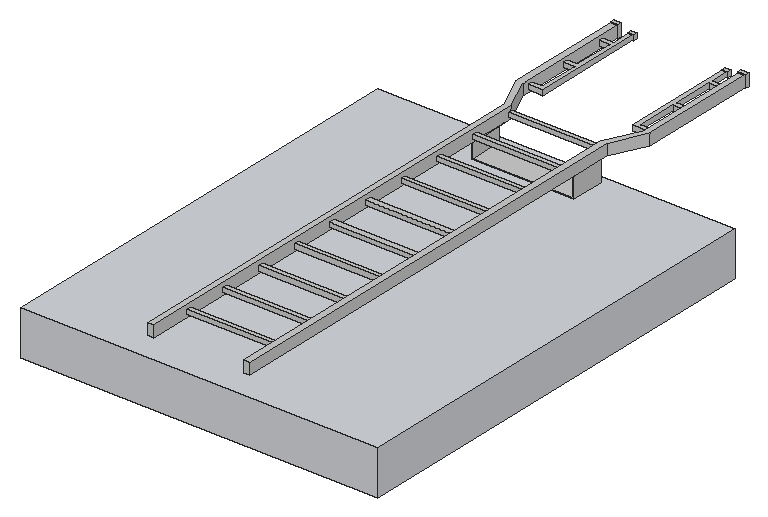
Revit family
Parameters (values of type "24in Width")
  numrungcalcd [instance] = if(FF to Top of Decking - Ladder Base Offset - ((numrungcalcc - 1) * 1' 0") > 1' 2", numrungcalcc + 1, numrungcalcc)  # 10
  numrungcalcc [instance] = (FF to Top of Decking - Ladder Base Offset) / 1' 0"  # 10
  numrungcalca [instance] = FF to Top of Decking - Ladder Base Offset - ((numrungcalcc - 1) * 1' 0")  # 1' - 0"
  Warranty Duration (Years) = 0
  Unit Width_Outside Frame [instance] = if(1 = 1, Unit Width + (0' 1 3/4" * 2), 0' 0")  # 2' - 3 1/2"
  Unit Width = 2' - 0"
  Unit Height [instance] = FF to Top of Decking + 3' 6" - Ladder Base Offset  # 13' - 6"
  URL = "http://www.okeeffes.com/"
  Top Decking to Top Bracket CL [instance] = 0' - 6 5/8"  # constant formula
  Test Data = ""
  Standards Conformance = "OSHA 1910.27"
  Specification = ""
  SpecWizard = ""
  Send Message = ""
  Sales Information = "http://www.okeeffes.com/contact-us.php"
  Revision = "R1_2015-11"
  Projection from Host [instance] = 0' - 7"
  Product Properties = ""
  Product Data = "http://www.arcat.com/arcatcos/cos34/arc34555.html"
  Number of Rungs [instance] = numrungcalcd  # 10
  Model = "Model 504"
  Manufacturer Website = "http://www.okeeffes.com/"
  Manufacturer Phone - Toll Free = "888-653-3333"
  Manufacturer Phone = "415-822-4222"
  Manufacturer Fax = "415-822-5222"
  Manufacturer Address = "100 N. Hill Dr.   Suite 12   Brisbane, CA 94005"
  Manufacturer = "O'Keeffe's, Inc"
  Maintenance Schedule (Months) = 0
  Ladder_Off Floor Mounted [instance] = not(Ladder_Floor Mounted)  # no
  Ladder_Floor Mounted [instance] = yes
  Ladder Base Offset [instance] = if(Ladder_Floor Mounted, 0' 0", 0' 4")  # 0' - 0"
  Keynote = "05515"
  Installation-Fabrication = ""
  Installation Phase = ""
  Include Security Door [instance] = no
  Green Building-LEED = ""
  Frame Finish [instance] = Metal - Aluminum - O'Keeffe's - Standard Mill
  FF to Top of Decking [instance] = 10' - 0"
  FF to Bottom Rung CL [instance] = FF to Top of Decking - ((Number of Rungs - 1) * 1' 0") - 0' 0 5/8"  # 0' - 11 3/8"
  FF to Bottom Bracket CL [instance] = 0' - 11"
  Expected Lifespan (Years) = 0
  Drawn By = "Sumex Design, Inc. / Robert S. Weygant, CSI, CDT, SCIP"
  Description = "O'Keeffe's Model 504 Low Parapet Access Ladder - 24in Width as Specified"
  Default Elevation = 0' - 0"
  Copyright = "©Arcat Inc."
  Construction Details = ""
  Capacity = "1500 lbs per Rung"
  Building Codes = ""
  Available Options [instance] = "[Intermediate Brackets][Extended Intermediate Brackets][Fall Arrest System][Safety Post for Roof Hatch]"
  Assembly Code = "B1010700"
Reference planes (in)
  plane 1 "SecDoor": y = 47.5395
  plane 2: z = 0
  plane 3 "Center (Left/Right)": x = 0
  plane 4: x = -12
  plane 5: x = 12
  plane 6 "Ladder CL": z = 7
  plane 7 "FF": y = -46.4605
  plane 8 "Deck Level": y = 73.5395
  plane 9: y = 115.5395
  plane 10: y = -46.4605
  plane 11: y = 72.9145
  plane 12: y = 66.9145
  plane 13: y = -35.4605
  plane 14: y = 84.9145
  plane 15: y = 96.9145
  plane 16: y = 108.9145
Forms (in)
  Extrusion 1, solid
    sketch origin (0, 0, 0) x (1, 0, 0) y (0, 1, 0)
      loop
        line (-48, 73.5395) -> (-48, -46.4605) -> (48, -46.4605) -> (48, 73.5395) -> (-48, 73.5395)
    from 0 to -12
  Extrusion 2, solid, material "Metal - Aluminum - O'Keeffe's - Standard Mill" <- "Frame Finish"
    sketch origin (0, 47.5395, 0) x (1, 0, 0) y (0, 0, 1)
      loop
        line (-12, 5.5) -> (-12, 8.5) -> (-13.75, 8.5) -> (-13.75, 5.5) -> (-12, 5.5)
      loop
        line (12, 5.5) -> (13.75, 5.5) -> (13.75, 8.5) -> (12, 8.5) -> (12, 5.5)
    from -26 to 94
  Extrusion 3, solid, material "Metal - Aluminum - O'Keeffe's - Standard Mill" <- "Frame Finish"
    sketch origin (0, 66.9145, -2.26987) x (0, 0, -1) y (1, 0, 0)
      loop
        line (-7.76987, -12) -> (-7.76987, -13.75) -> (-2.26987, -13.75) -> (-2.26987, 13.75) -> (-7.76987, 13.75) -> (-7.76987, 12) -> (-7.58237, 12) -> (-7.58237, 13.5625) -> (-2.45737, 13.5625) -> (-2.45737, -13.5625) -> (-7.58237, -13.5625) -> (-7.58237, -12) -> (-7.76987, -12)
    from -4.5 to 4.5
  Extrusion 4, solid, material "Metal - Aluminum - O'Keeffe's - Standard Mill" <- "Frame Finish", visible <- "Ladder_Off Floor Mounted"
    sketch origin (0, -35.4605, 13.06054) x (0, 0, 1) y (1, 0, 0)
      loop
        line (-7.56054, -12) -> (-7.74804, -12) -> (-7.74804, -13.5625) -> (-12.87304, -13.5625) -> (-12.87304, 13.5625) -> (-7.74804, 13.5625) -> (-7.74804, 12) -> (-7.56054, 12) -> (-7.56054, 13.75) -> (-13.06054, 13.75) -> (-13.06054, -13.75) -> (-7.56054, -13.75) -> (-7.56054, -12)
    from -4.5 to 4.5
  Extrusion 5, solid, material "Metal - Aluminum - O'Keeffe's - Standard Mill" <- "Frame Finish"
    sketch origin (-15.17702, -180, 7) x (-1, 0, 0) y (0, -1, 0)
      loop
        line (0.94798, -295.5395) -> (2.94798, -295.5395) -> (2.94798, -294.5395) -> (0.94798, -294.5395) -> (0.94798, -295.5395)
      loop
        line (-33.30202, -295.5395) -> (-31.30202, -295.5395) -> (-31.30202, -294.5395) -> (-33.30202, -294.5395) -> (-33.30202, -295.5395)
    from -1.625 to 1.625
  Extrusion 6, solid, material "Metal - Aluminum - O'Keeffe's - Standard Mill" <- "Frame Finish", visible <- "Include Security Door"
    sketch origin (-26.52564, -46.4605, 48) x (1, 0, 0) y (0, 0, 1)
      loop
        line (40.27564, -39.25) -> (12.52564, -39.25) -> (12.52564, -40.25) -> (12.77564, -40.25) -> (12.77564, -48) -> (40.27564, -48) -> (40.27564, -39.25)
    from -4 to -94
  Extrusion 7, solid, material "Metal - Aluminum - O'Keeffe's - Standard Mill" <- "Frame Finish"
    sketch origin (-15.17702, -180, 7) x (-1, 0, 0) y (0, -1, 0)
      loop
        line (-3.17702, -253.5395) -> (1.07298, -262.65365) -> (1.07298, -295.5395) -> (2.82298, -295.5395) -> (2.82298, -262.65365) -> (-1.42702, -253.5395) -> (-3.17702, -253.5395)
      loop
        line (-31.42702, -295.5395) -> (-31.42702, -262.65365) -> (-27.17702, -253.5395) -> (-28.92702, -253.5395) -> (-33.17702, -262.65365) -> (-33.17702, -295.5395) -> (-31.42702, -295.5395)
    from -1.5 to 1.5
  Extrusion 8, solid, material "Metal - Aluminum - O'Keeffe's - Standard Mill" <- "Frame Finish"
    sketch origin (-15.17702, -180, 7) x (-1, 0, 0) y (0, -1, 0)
      loop
        line (-3.17702, -264.2895) -> (-3.17702, -294.5395) -> (-1.92702, -294.5395) -> (-1.92702, -289.5395) -> (1.94798, -289.5395) -> (1.94798, -288.2895) -> (-1.92702, -288.2895) -> (-1.92702, -277.5395) -> (1.94798, -277.5395) -> (1.94798, -276.2895) -> (-1.92702, -276.2895) -> (-1.92702, -265.5395) -> (1.94798, -265.5395) -> (1.94798, -264.2895) -> (-3.17702, -264.2895)
      loop
        line (-27.17702, -264.2895) -> (-32.30202, -264.2895) -> (-32.30202, -265.5395) -> (-28.42702, -265.5395) -> (-28.42702, -276.2895) -> (-32.30202, -276.2895) -> (-32.30202, -277.5395) -> (-28.42702, -277.5395) -> (-28.42702, -288.2895) -> (-32.30202, -288.2895) -> (-32.30202, -289.5395) -> (-28.42702, -289.5395) -> (-28.42702, -294.5395) -> (-27.17702, -294.5395) -> (-27.17702, -264.2895)
    from -0.625 to 0.625
  Extrusion 9, solid, material "Metal - Aluminum - O'Keeffe's - Standard Mill" <- "Frame Finish"
    sketch origin (-15.17702, -180, 7) x (-1, 0, 0) y (0, -1, 0)
      loop
        line (-3.30202, -294.5395) -> (-3.30202, -295.5395) -> (-1.80202, -295.5395) -> (-1.80202, -294.5395) -> (-3.30202, -294.5395)
      loop
        line (-27.05202, -294.5395) -> (-28.55202, -294.5395) -> (-28.55202, -295.5395) -> (-27.05202, -295.5395) -> (-27.05202, -294.5395)
    from 0.75 to -0.75
Cuts and joins
  joined: Extrusion 2, Extrusion 5, Extrusion 7, Extrusion 8, Extrusion 9
Lines and regions (in)
  model lines, style "GenericModelHiddenLines", visible <- "Include Security Door"
    curve 1: line (13.75, 47.5395, 8.75) -> (-14, 2.5395, 8.75)
    curve 2: line (-14, 2.5395, 8.75) -> (13.75, -42.4605, 8.75)
Dimensions and locks (in)
  "Projection from Host": plane 6 "Ladder CL" to level
  equal spacing: plane 4, plane 3 "Center (Left/Right)", plane 5
  "Unit Width": plane 4 to plane 5
  "FF to Top of Decking": plane 7 "FF" to plane 8 "Deck Level"
  "Unit Height": plane 9 to plane 10
  "Ladder Base Offset": plane 10 to plane 7 "FF"
  locked: plane 8 "Deck Level" to plane 11 at 0.625
  equal spacing: group 1, group 2, group 3, group 4, group 5, group 6, group 7, group 8, group 9, group 10  (x2)
  equal spacing: group 10, group 9, group 8, group 7, group 6, group 5, group 4, group 3, group 2, group 1
  locked: nested 1 to nested 2 at 12
  "Top Decking to Top Bracket CL": plane 12 to plane 8 "Deck Level"
  "FF to Bottom Bracket CL": plane 10 to plane 13
  plane 4 to Extrusion 3 sketch curve to Extrusion 3 sketch curve = 0' - 1 9/16" locked, 0' - 0 3/16" locked
  Extrusion 3 sketch curve to Extrusion 3 sketch curve to plane 5 = 0' - 0 3/16" locked, 0' - 1 9/16" locked
  plane 4 to Extrusion 4 sketch curve to Extrusion 4 sketch curve = 0' - 1 9/16" locked, 0' - 0 3/16" locked
  Extrusion 4 sketch curve to Extrusion 4 sketch curve to plane 5 = 0' - 0 3/16" locked, 0' - 1 9/16" locked
  locked: plane 7 "FF" to plane 1 "SecDoor" at 94
  locked: plane 4 to Extrusion 6 sketch curve at 2
  locked: Extrusion 6 sketch curve to plane 6 "Ladder CL" at 1.75
  locked: Extrusion 6 sketch curve to plane 6 "Ladder CL" at 0.75
  locked: plane 4 to Extrusion 6 sketch curve at 1.75
  locked: Extrusion 6 sketch curve to plane 5 at 1.75
  locked: plane 4 to Extrusion 2 sketch curve at 1.75
  locked: Extrusion 2 sketch curve to plane 5 at 1.75
  plane 5 to Extrusion 7 sketch curve to Extrusion 7 sketch curve to Extrusion 7 sketch curve = 0' - 1 3/4" locked, 0' - 2 1/2" locked, 0' - 1 3/4" locked
  Extrusion 7 sketch curve to Extrusion 7 sketch curve to Extrusion 7 sketch curve to plane 4 = 0' - 1 3/4" locked, 0' - 2 1/2" locked, 0' - 1 3/4" locked
  Extrusion 5 sketch curve to Extrusion 5 sketch curve to plane 4 = 0' - 2" locked, 0' - 4 1/8" locked
  plane 5 to Extrusion 5 sketch curve to Extrusion 5 sketch curve = 0' - 4 1/8" locked, 0' - 2" locked
  locked: plane 11 to plane 14 at 12
  locked: plane 15 to plane 14 at 12
  locked: plane 16 to plane 15 at 12
  Extrusion 8 sketch curve to Extrusion 8 sketch curve to plane 4 = 0' - 3 7/8" locked, 0' - 1 1/4" locked
  locked: plane 9 to Extrusion 8 sketch curve at 1
  plane 5 to Extrusion 8 sketch curve to Extrusion 8 sketch curve = 0' - 1 1/4" locked, 0' - 3 7/8" locked
  Extrusion 8 sketch curve to plane 16 to Extrusion 8 sketch curve = 0' - 0 5/8" locked, 0' - 0 5/8" locked  (x2)
  Extrusion 8 sketch curve to plane 15 to Extrusion 8 sketch curve = 0' - 0 5/8" locked, 0' - 0 5/8" locked  (x2)
  Extrusion 8 sketch curve to plane 14 to Extrusion 8 sketch curve = 0' - 0 5/8" locked, 0' - 0 5/8" locked  (x2)
  Extrusion 9 sketch curve to plane 4 to Extrusion 9 sketch curve = 0' - 1 3/8" locked, 0' - 0 1/8" locked
  Extrusion 9 sketch curve to plane 5 to Extrusion 9 sketch curve = 0' - 0 1/8" locked, 0' - 1 3/8" locked
  aligned and locked: plane 2 to Extrusion 1
  aligned and locked: level to Extrusion 1
  aligned and locked: Extrusion 2 to plane 10
  aligned: plane 9 to Extrusion 2
  aligned and locked: plane 6 "Ladder CL" to nested 1
  aligned and locked: plane 3 "Center (Left/Right)" to nested 1
  aligned and locked: nested 1 to plane 11
  aligned and locked: Extrusion 3 sketch curve to plane 5
  aligned and locked: Extrusion 3 sketch curve to plane 4
  aligned and locked: plane 6 "Ladder CL" to nested 10
  aligned and locked: Extrusion 4 sketch curve to plane 4
  aligned and locked: Extrusion 4 sketch curve to plane 5
  aligned and locked: Extrusion 6 to plane 1 "SecDoor"
  aligned and locked: plane 8 "Deck Level" to Extrusion 2
  aligned and locked: plane 9 to Extrusion 7 sketch curve
  aligned and locked: Extrusion 7 sketch curve to plane 9
  aligned and locked: Extrusion 7 sketch curve to plane 8 "Deck Level"  (x2)
  aligned and locked: Extrusion 8 sketch curve to Extrusion 8 sketch curve  (x8)
  aligned and locked: Extrusion 9 sketch curve to plane 9
  aligned and locked: plane 9 to Extrusion 9 sketch curve
Automatic sketch dimensions
  Extrusion 1 sketch curve to Extrusion 1 sketch curve = 8' - 0"
  Extrusion 1 sketch curve to Extrusion 1 sketch curve = 10' - 0"
  Extrusion 2 sketch curve to plane 4 = 0' - 0"
  Extrusion 2 sketch curve to plane 5 = 0' - 0"
  Extrusion 2 sketch curve to plane 6 "Ladder CL" = 0' - 1 1/2"  (x2)
  plane 6 "Ladder CL" to Extrusion 2 sketch curve = 0' - 1 1/2"  (x2)
  Extrusion 6 sketch curve to level = 0' - 0"
  Extrusion 4 sketch curve to level = 0' - 0"
  level to Extrusion 4 sketch curve = 0' - 0 3/16"
  Extrusion 4 sketch curve to plane 6 "Ladder CL" = 0' - 1 11/16"  (x2)
  Extrusion 4 sketch curve to Extrusion 4 sketch curve = 0' - 0 3/16"  (x2)
  Extrusion 3 sketch curve to level = 0' - 0"
  level to Extrusion 3 sketch curve = 0' - 0 3/16"
  Extrusion 3 sketch curve to plane 6 "Ladder CL" = 0' - 1 11/16"  (x2)
  Extrusion 3 sketch curve to Extrusion 3 sketch curve = 0' - 0 3/16"  (x2)
  Extrusion 5 sketch curve to plane 9 = 0' - 0"  (x2)
  Extrusion 5 sketch curve to plane 9 = 0' - 1"  (x2)
  curve 2 to Extrusion 6 = 0' - 0"  (x3)
  curve 1 to Extrusion 6 = 0' - 0"
  Extrusion 6 to curve 1 = 0' - 0"
  Extrusion 6 to curve 2 = 3' - 9"
  Extrusion 7 sketch curve to plane 5 = 0' - 0"
  Extrusion 7 sketch curve to plane 4 = 0' - 0"
  Extrusion 7 sketch curve to plane 14 = 0' - 2.26085"  (x2)
  Extrusion 7 sketch curve to Extrusion 7 sketch curve = 0' - 0"  (x2)
  Extrusion 8 sketch curve to plane 5 = 0' - 0"
  Extrusion 8 sketch curve to plane 4 = 0' - 0"
  Extrusion 8 sketch curve to plane 9 = 0' - 1"
  Extrusion 9 sketch curve to plane 9 = 0' - 1"
  Extrusion 9 sketch curve to Extrusion 9 sketch curve = 0' - 1"
Nested families (in)
  nested 1: "Square Rung" at (0, 72.9145, 7) x (0, 1, 0) z (0, 0, 1), rung width <- "Unit Width", finish <- "Frame Finish", type "Square Rung"
    with rung width 2' - 0", finish Metal - Aluminum - O'Keeffe's - Standard Mill
  nested 2: "Square Rung" at (0, 60.9145, 7) x (0, 1, 0) z (0, 0, 1), rung width <- "Unit Width", finish <- "Frame Finish", type "Square Rung"
    with rung width 2' - 0", finish Metal - Aluminum - O'Keeffe's - Standard Mill
  nested 3: "Square Rung" at (0, 48.9145, 7) x (0, 1, 0) z (0, 0, 1), rung width <- "Unit Width", finish <- "Frame Finish", type "Square Rung"
    with rung width 2' - 0", finish Metal - Aluminum - O'Keeffe's - Standard Mill
  nested 4: "Square Rung" at (0, 36.9145, 7) x (0, 1, 0) z (0, 0, 1), rung width <- "Unit Width", finish <- "Frame Finish", type "Square Rung"
    with rung width 2' - 0", finish Metal - Aluminum - O'Keeffe's - Standard Mill
  nested 5: "Square Rung" at (0, 24.9145, 7) x (0, 1, 0) z (0, 0, 1), rung width <- "Unit Width", finish <- "Frame Finish", type "Square Rung"
    with rung width 2' - 0", finish Metal - Aluminum - O'Keeffe's - Standard Mill
  nested 6: "Square Rung" at (0, 12.9145, 7) x (0, 1, 0) z (0, 0, 1), rung width <- "Unit Width", finish <- "Frame Finish", type "Square Rung"
    with rung width 2' - 0", finish Metal - Aluminum - O'Keeffe's - Standard Mill
  nested 7: "Square Rung" at (0, 0.9145, 7) x (0, 1, 0) z (0, 0, 1), rung width <- "Unit Width", finish <- "Frame Finish", type "Square Rung"
    with rung width 2' - 0", finish Metal - Aluminum - O'Keeffe's - Standard Mill
  nested 8: "Square Rung" at (0, -11.0855, 7) x (0, 1, 0) z (0, 0, 1), rung width <- "Unit Width", finish <- "Frame Finish", type "Square Rung"
    with rung width 2' - 0", finish Metal - Aluminum - O'Keeffe's - Standard Mill
  nested 9: "Square Rung" at (0, -23.0855, 7) x (0, 1, 0) z (0, 0, 1), rung width <- "Unit Width", finish <- "Frame Finish", type "Square Rung"
    with rung width 2' - 0", finish Metal - Aluminum - O'Keeffe's - Standard Mill
  nested 10: "Square Rung" at (0, -35.0855, 7) x (0, 1, 0) z (0, 0, 1), rung width <- "Unit Width", finish <- "Frame Finish", type "Square Rung"
    with rung width 2' - 0", finish Metal - Aluminum - O'Keeffe's - Standard Mill
Definition of nested family "Square Rung"
  Parameters (values of type "Square Rung")
    rung width [instance] = 2' - 4"
    finish [instance] = none
    Assembly Code = ""
  Reference planes (in)
    plane 1 "Center (Front/Back)": y = 0
    plane 2: z = 0
    plane 3 "Center (Left/Right)": x = 0
    plane 4: y = 14
    plane 5: y = -14
  Forms (in)
    Extrusion 1, solid, material <- "finish"
      sketch origin (0, 0, 0) x (0, -1, 0) y (1, 0, 0)
        loop
          line (-14, 0.625) -> (-14, -0.625) -> (14, -0.625) -> (14, 0.625) -> (-14, 0.625)
      from 0.625 to -0.625
  Dimensions and locks (in)
    equal spacing: plane 5, plane 1 "Center (Front/Back)", plane 4
    "rung width": plane 5 to plane 4
    aligned and locked: plane 2 to level
  Automatic sketch dimensions
    plane 4 to Extrusion 1 sketch curve = 0' - 0"
    plane 5 to Extrusion 1 sketch curve = 0' - 0"
    Extrusion 1 sketch curve to plane 3 "Center (Left/Right)" = 0' - 0 5/8"
    plane 3 "Center (Left/Right)" to Extrusion 1 sketch curve = 0' - 0 5/8"
